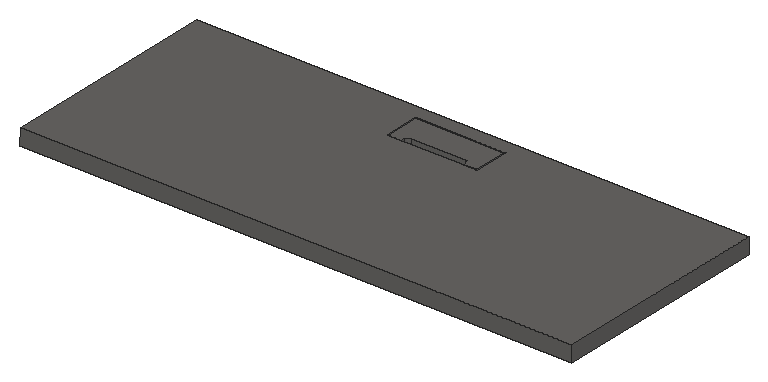
Revit family "Table-Teknion-ZXBR_Bridge_Worksurface-R2011", category Furniture, Revit 2013
Parameters (values of type "(See Type Catalog)")
  With Grommet = yes
  Width = 5' - 0"
  Warranty = "http://www.teknionstudio.com/pdfs/Teknion%20Studio%20Warranty.pdf"
  Unit Weight = 0.00 lbf
  Unit Finish [instance] = Veneer - Teknion - P7 - Grey Oak
  URL = "www.teknionstudio.com"
  Series = "B&B Italia"
  Product Page URL = "http://www.teknionstudio.com/acexecutive/"
  Product Line = "AC Executive"
  Product Documentation Link = "http://www.teknionstudio.com/pricing/ac_executive_ppg.pdf"
  Part Number = "ZXBR"
  Model = ""
  Manufacturer Phone = "919-464-2920"
  Manufacturer Fax = "919-464-2927"
  Manufacturer Email = "customersupport@teknionstudio.com"
  Manufacturer Address = "3940 US 70 Business HWY West, Clayton, NC 27520"
  Manufacturer = "Teknion Studio"  # constant formula
  Low Emitting Material = yes
  Low Emitting Finish = yes
  Height = 2' - 5.684"
  Grommet Void = if(With Grommet, 0' 10 1/2", 0' 2")  # 0' - 10 1/2"
  Description = ""
  Depth = 2' - 0"
  Assembly Code = "E2020200"
Reference planes (in)
  plane 1 "Center F/B": y = 0
  plane 2: z = 0
  plane 3 "Center L/R": x = 0
  plane 4 "Left": x = -30
  plane 5 "Right": x = 30
  plane 6 "Back": y = 12
  plane 7 "Front": y = -12
  plane 8 "Top": z = 29.684
  plane 9: z = 27.9194
  plane 10: z = 19.684
  plane 11: z = 30.184
  plane 12 "Grommet": y = 10.4252
Forms (in)
  Sweep 1, solid, material "Veneer - Teknion - P7 - Grey Oak" <- "Unit Finish"
    path origin (0, 0, 15.40683) x (-1, 0, 0) y (0, -1, 0)
      loop
        line (-30, 0) -> (30, 0)
    profile origin (0, 0, 15.40683) x (0, -1, 0) y (0, 0, 1)
      loop
        line (-12, 14.27717) -> (-12, 12.51257) -> (12, 12.51257) -> (12, 14.27717) -> (-12, 14.27717)
  Sweep 2, void
    path origin (0, 0, 0) x (1, 0, 0) y (0, 0, 1)
      loop
        line (0, 19.684) -> (0, 30.184)
    profile origin (0, 0, 24.934) x (-1, 0, 0) y (0, -1, 0)
      loop
        line (-3.34646, -6.61319) -> (-4.67008, -6.61319)
        arc (-4.67008, -6.61319) -> (-4.7593, -6.65015) -> (-4.79626, -6.73937) r 0.12618
        line (-4.79626, -6.73937) -> (-4.79626, -10.17402)
        arc (-4.79626, -10.17402) -> (-4.7593, -10.26324) -> (-4.67008, -10.3002) r 0.12618
        line (-4.67008, -10.3002) -> (4.67008, -10.3002)
        arc (4.67008, -10.3002) -> (4.7593, -10.26324) -> (4.79626, -10.17402) r 0.12618
        line (4.79626, -10.17402) -> (4.79626, -6.73937)
        arc (4.79626, -6.73937) -> (4.7593, -6.65015) -> (4.67008, -6.61319) r 0.12618
        line (4.67008, -6.61319) -> (3.34646, -6.61319) -> (3.34646, -6.88189)
        arc (3.34646, -6.88189) -> (3.23114, -7.16028) -> (2.95276, -7.27559) r 0.3937
        line (2.95276, -7.27559) -> (-2.95276, -7.27559)
        arc (-2.95276, -7.27559) -> (-3.23114, -7.16028) -> (-3.34646, -6.88189) r 0.3937
        line (-3.34646, -6.88189) -> (-3.34646, -6.61319)
      loop
        arc (-4.76378, -6.48819) -> (-4.87513, -6.53432) -> (-4.92126, -6.64567) r 0.15748
        line (-4.92126, -6.64567) -> (-4.92126, -10.26772)
        arc (-4.92126, -10.26772) -> (-4.87513, -10.37908) -> (-4.76378, -10.4252) r 0.15748
        line (-4.76378, -10.4252) -> (4.76378, -10.4252)
        arc (4.76378, -10.4252) -> (4.87513, -10.37908) -> (4.92126, -10.26772) r 0.15748
        line (4.92126, -10.26772) -> (4.92126, -6.64567)
        arc (4.92126, -6.64567) -> (4.87513, -6.53432) -> (4.76378, -6.48819) r 0.15748
        line (4.76378, -6.48819) -> (-4.76378, -6.48819)
Cuts and joins
  Sweep 2 cuts Sweep 1
Lines and regions (in)
  Masking region 1
    outline origin (0, 0, 29.684) x (-1, 0, 0) y (0, -1, 0)
      loop
        line (30, -12) -> (30, 12) -> (-30, 12) -> (-30, -12) -> (30, -12)
  symbolic lines, visible <- "With Grommet", detail levels fine
    curve 1: arc (2.95276, 7.27559, 29.684) -> (3.23114, 7.16028, 29.684) -> (3.34646, 6.88189, 29.684) r 0.3937
    curve 2: line (3.34646, 6.88189, 29.684) -> (3.34646, 6.48819, 29.684)
    curve 4: line (-3.34646, 6.48819, 29.684) -> (-3.34646, 6.88189, 29.684)
    curve 5: arc (-3.34646, 6.88189, 29.684) -> (-3.23114, 7.16028, 29.684) -> (-2.95276, 7.27559, 29.684) r 0.3937
    curve 6: line (-2.95276, 7.27559, 29.684) -> (2.95276, 7.27559, 29.684)
  symbolic lines, visible <- "With Grommet"
    curve 3: line (4.76378, 6.48819, 29.684) -> (-4.76378, 6.48819, 29.684)
    curve 7: line (-4.92126, 6.64567, 29.684) -> (-4.92126, 10.26973, 29.684)
    curve 8: arc (-4.92126, 6.64567, 29.684) -> (-4.87513, 6.53432, 29.684) -> (-4.76378, 6.48819, 29.684) r 0.15748
    curve 9: arc (-4.76763, 10.42337, 29.684) -> (-4.87626, 10.37837, 29.684) -> (-4.92126, 10.26973, 29.684) r 0.15363
    curve 10: line (-4.76763, 10.42337, 29.684) -> (4.76451, 10.42337, 29.684)
    curve 11: arc (4.76378, 6.48819, 29.684) -> (4.87513, 6.53432, 29.684) -> (4.92126, 6.64567, 29.684) r 0.15748
    curve 12: line (4.92126, 10.26662, 29.684) -> (4.92126, 6.64567, 29.684)
    curve 13: arc (4.92126, 6.64567, 29.684) -> (4.87513, 6.53432, 29.684) -> (4.76378, 6.48819, 29.684) r 0.15748
    curve 14: arc (4.76451, 10.42337, 29.684) -> (4.87535, 10.37746, 29.684) -> (4.92126, 10.26662, 29.684) r 0.15675
Dimensions and locks (in)
  "Height": plane 8 "Top" to plane 2
  equal spacing: plane 4 "Left", plane 3 "Center L/R", plane 5 "Right"
  "Width": plane 4 "Left" to plane 5 "Right"
  equal spacing: plane 6 "Back", plane 1 "Center F/B", plane 7 "Front"
  "Depth": plane 6 "Back" to plane 7 "Front"
  locked: plane 8 "Top" to plane 9 at 1.7646
  locked: plane 8 "Top" to plane 10 at 10
  "Grommet Void": plane 11 to plane 10
  locked: plane 6 "Back" to plane 12 "Grommet" at 1.5748
  locked: Sweep 2 sketch curve to Sweep 2 sketch curve at 0.125  (x3)
  Sweep 2 sketch curve to plane 3 "Center L/R" to Sweep 2 sketch curve = 0' - 4.92126" locked, 0' - 4.92126" locked
  aligned and locked: level to plane 2
  aligned and locked: Sweep 1 sketch curve to plane 1 "Center F/B"
  aligned and locked: plane 4 "Left" to Sweep 1 sketch curve
  aligned and locked: plane 5 "Right" to Sweep 1 sketch curve
  aligned and locked: plane 9 to Sweep 1 sketch curve
  aligned and locked: Sweep 1 sketch curve to plane 8 "Top"
  aligned and locked: Sweep 1 sketch curve to plane 7 "Front"
  aligned and locked: Sweep 1 sketch curve to plane 6 "Back"
  aligned and locked: plane 3 "Center L/R" to Sweep 2 sketch curve
  aligned and locked: plane 11 to Sweep 2 sketch curve
  aligned and locked: plane 10 to Sweep 2 sketch curve
  aligned and locked: Masking region 1 sketch curve to plane 6 "Back"
  aligned and locked: Masking region 1 sketch curve to plane 7 "Front"
  aligned and locked: Masking region 1 sketch curve to plane 5 "Right"
  aligned and locked: Masking region 1 sketch curve to plane 4 "Left"
  aligned and locked: curve 13 to curve 11
  aligned and locked: curve 12 to curve 11
  aligned and locked: plane 12 "Grommet" to Sweep 2 sketch curve
  aligned and locked: curve 5 to cut or joined group of Sweep 1, Sweep 2
  aligned and locked: curve 8 to cut or joined group of Sweep 1, Sweep 2
Automatic sketch dimensions
  Sweep 2 sketch curve to Sweep 2 sketch curve = 0' - 0.03248"  (x3)
  Sweep 2 sketch curve to Sweep 2 sketch curve = 0' - 0.0937"  (x4)
  Sweep 2 sketch curve to Sweep 2 sketch curve = 0' - 1.32362"  (x2)
  Sweep 2 sketch curve to Sweep 2 sketch curve = 0' - 0.3937"  (x2)
  Sweep 2 sketch curve to Sweep 2 sketch curve = 0' - 1.71732"
  Sweep 2 sketch curve to Sweep 2 sketch curve = 0' - 0 1/8"  (x2)
  Sweep 2 sketch curve to Sweep 2 sketch curve = 0' - 0.2687"
  Sweep 2 sketch curve to Sweep 2 sketch curve = 0' - 2 115/128"
  plane 3 "Center L/R" to curve 14 = 0' - 4.92126"
  curve 12 to curve 14 = 0' - 0.15675"
  curve 13 to curve 2 = 0' - 1.41732"
  curve 1 to curve 1 = 0' - 0.3937"
  curve 9 to curve 7 = 0' - 0.15363"
  curve 12 to curve 11 = 0' - 0.15748"
  plane 12 "Grommet" to curve 14 = 0' - 0.15858"
